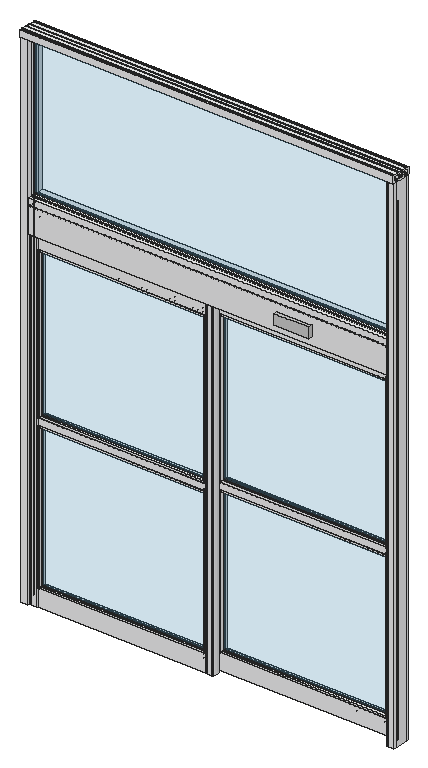
Revit family "2-5-5_Sliding-Door_TX9200SL_Single-RH-Outside-Slide-w-Transom-SX-O_Tormax", category Doors, host Wall, Revit 2026 (continued)
Definition of nested family "Door-Sliding-Tormax-Panel-O"
  Automatic sketch dimensions
    Sweep 6 sketch curve to Sweep 6 sketch curve = 0' - 0.08355"
    Sweep 6 sketch curve to plane 1 "Center (Front/Back)" = 0' - 0.66561"
    Sweep 6 sketch curve to Sweep 6 sketch curve = 0' - 0.01286"  (x4)
    Sweep 6 sketch curve to Sweep 6 sketch curve = 0' - 0.06296"  (x4)
    Sweep 6 sketch curve to Sweep 6 sketch curve = 0' - 0.09922"  (x4)
    Sweep 6 sketch curve to Sweep 6 sketch curve = 0' - 0.08367"  (x4)
    Sweep 6 sketch curve to Sweep 6 sketch curve = 0' - 0.04971"  (x8)
    Sweep 6 sketch curve to Sweep 6 sketch curve = 0' - 0.09641"  (x2)
    Sweep 6 sketch curve to Sweep 6 sketch curve = 0' - 0.0904"  (x3)
    Sweep 6 sketch curve to Sweep 6 sketch curve = 0' - 0 79/256"  (x2)
    Sweep 6 sketch curve to Sweep 6 sketch curve = 0' - 0.19365"  (x3)
    Sweep 6 sketch curve to Sweep 6 sketch curve = 0' - 0.08847"
    Sweep 6 sketch curve to Sweep 6 sketch curve = 0' - 0.07336"  (x4)
    Sweep 6 sketch curve to Sweep 6 sketch curve = 0' - 0.01367"  (x4)
    Sweep 6 sketch curve to Sweep 6 sketch curve = 0' - 0.11496"  (x3)
    Sweep 6 sketch curve to Sweep 6 sketch curve = 0' - 0.04144"  (x4)
    Sweep 6 sketch curve to Sweep 6 sketch curve = 0' - 0.04722"  (x4)
    Sweep 6 sketch curve to Sweep 6 sketch curve = 0' - 0.05012"  (x8)
    Sweep 6 sketch curve to Sweep 6 sketch curve = 0' - 0.06958"  (x4)
    Sweep 6 sketch curve to Sweep 6 sketch curve = 0' - 0.08472"  (x9)
    Sweep 6 sketch curve to Sweep 6 sketch curve = 0' - 0.06945"
    Sweep 6 sketch curve to Sweep 6 sketch curve = 0' - 0.14365"  (x2)
    Sweep 6 sketch curve to Sweep 6 sketch curve = 0' - 0.25378"  (x4)
    Sweep 6 sketch curve to Sweep 6 sketch curve = 0' - 0.11812"  (x3)
    Sweep 6 sketch curve to Sweep 6 sketch curve = 0' - 0.4219"
    Sweep 7 sketch curve to plane 3 "Center (Left/Right)" = 0' - 0"
    plane 1 "Center (Front/Back)" to Sweep 7 sketch curve = 0' - 0.1901"
    Sweep 7 sketch curve to Sweep 7 sketch curve = 0' - 0"  (x6)
    Sweep 7 sketch curve to Sweep 7 sketch curve = 0' - 0.00628"
    Sweep 7 sketch curve to Sweep 7 sketch curve = 0' - 0.05"  (x8)
    Sweep 7 sketch curve to Sweep 7 sketch curve = 0' - 0.05599"
    Sweep 7 sketch curve to Sweep 7 sketch curve = 0' - 0.13079"  (x2)
    Sweep 7 sketch curve to Sweep 7 sketch curve = 0' - 0.1438"  (x2)
    Sweep 7 sketch curve to Sweep 7 sketch curve = 0' - 0.06431"  (x2)
    Sweep 7 sketch curve to Sweep 7 sketch curve = 0' - 0.04373"  (x2)
    Sweep 7 sketch curve to Sweep 7 sketch curve = 0' - 0.0339"  (x2)
    Sweep 7 sketch curve to Sweep 7 sketch curve = 0' - 0.05017"  (x2)
    plane 1 "Center (Front/Back)" to Sweep 7 sketch curve = 0' - 0.49166"
    Sweep 7 sketch curve to Sweep 7 sketch curve = 0' - 0.12404"  (x3)
    Sweep 7 sketch curve to Sweep 7 sketch curve = 0' - 0.06616"  (x2)
    Sweep 7 sketch curve to Sweep 7 sketch curve = 0' - 0.08665"  (x3)
    Sweep 7 sketch curve to Sweep 7 sketch curve = 0' - 0.00586"  (x2)
    Sweep 7 sketch curve to Sweep 7 sketch curve = 0' - 0.0682"  (x2)
    Sweep 7 sketch curve to Sweep 7 sketch curve = 0' - 0.11234"
    Sweep 7 sketch curve to Sweep 7 sketch curve = 0' - 0.09942"  (x4)
    Sweep 7 sketch curve to Sweep 7 sketch curve = 0' - 0.04966"  (x4)
    Sweep 7 sketch curve to plane 1 "Center (Front/Back)" = 0' - 0.12483"
    Sweep 7 sketch curve to Sweep 7 sketch curve = 0' - 0.00209"  (x2)
    Sweep 7 sketch curve to Sweep 7 sketch curve = 0' - 0.03487"  (x4)
    plane 1 "Center (Front/Back)" to Sweep 7 sketch curve = 0' - 0.20955"  (x2)
    plane 1 "Center (Front/Back)" to Sweep 7 sketch curve = 0' - 0.07259"  (x2)
    Sweep 7 sketch curve to Sweep 7 sketch curve = 0' - 0.0719"  (x4)
    Sweep 7 sketch curve to plane 1 "Center (Front/Back)" = 0' - 0.07259"  (x2)
    Sweep 7 sketch curve to plane 1 "Center (Front/Back)" = 0' - 0.09459"  (x2)
    Sweep 7 sketch curve to Sweep 7 sketch curve = 0' - 0.02199"  (x4)
    plane 1 "Center (Front/Back)" to Sweep 7 sketch curve = 0' - 0.09459"  (x2)
    Sweep 7 sketch curve to plane 1 "Center (Front/Back)" = 0' - 0.20955"
    Sweep 7 sketch curve to Sweep 7 sketch curve = 0' - 0.06113"
    plane 1 "Center (Front/Back)" to Sweep 7 sketch curve = 0' - 0.12483"
    Sweep 7 sketch curve to Sweep 7 sketch curve = 0' - 0.06234"
    Sweep 7 sketch curve to Sweep 7 sketch curve = 0' - 0.03026"
    Sweep 7 sketch curve to Sweep 7 sketch curve = 0' - 0.14248"
    Sweep 7 sketch curve to Sweep 7 sketch curve = 0' - 0.09251"
    Sweep 7 sketch curve to Sweep 7 sketch curve = 0' - 0.01301"
    Sweep 7 sketch curve to Sweep 7 sketch curve = 0' - 0.13361"
    Sweep 7 sketch curve to plane 1 "Center (Front/Back)" = 0' - 0.25955"  (x2)
    Sweep 7 sketch curve to Sweep 7 sketch curve = 0' - 0.14365"
    Sweep 7 sketch curve to Sweep 7 sketch curve = 0' - 0.19365"  (x3)
    Sweep 7 sketch curve to Sweep 7 sketch curve = 0' - 0.25378"  (x2)
    Sweep 7 sketch curve to Sweep 7 sketch curve = 0' - 0.4219"  (x2)
    Sweep 7 sketch curve to Sweep 7 sketch curve = 0' - 0.04971"  (x4)
    Sweep 7 sketch curve to Sweep 7 sketch curve = 0' - 0.08472"  (x5)
    Sweep 7 sketch curve to Sweep 7 sketch curve = 0' - 0.06945"  (x2)
    Sweep 7 sketch curve to Sweep 7 sketch curve = 0' - 0.05012"  (x4)
    Sweep 7 sketch curve to Sweep 7 sketch curve = 0' - 0.06958"  (x2)
    plane 1 "Center (Front/Back)" to Sweep 7 sketch curve = 0' - 0.13997"
    Sweep 7 sketch curve to Sweep 7 sketch curve = 0' - 0.04722"
    Sweep 7 sketch curve to Sweep 7 sketch curve = 0' - 0.02777"
    Sweep 7 sketch curve to Sweep 7 sketch curve = 0' - 0.04144"  (x2)
    Sweep 7 sketch curve to Sweep 7 sketch curve = 0' - 0.08847"
    Sweep 7 sketch curve to Sweep 7 sketch curve = 0' - 0.0904"  (x2)
    Sweep 7 sketch curve to Sweep 7 sketch curve = 0' - 0.04991"  (x2)
    Sweep 7 sketch curve to Sweep 7 sketch curve = 0' - 0.01286"  (x2)
    Sweep 7 sketch curve to Sweep 7 sketch curve = 0' - 0.06296"  (x2)
    Sweep 7 sketch curve to Sweep 7 sketch curve = 0' - 0.09922"  (x2)
    Sweep 7 sketch curve to Sweep 7 sketch curve = 0' - 0.08367"  (x2)
    Extrusion 8 sketch curve to plane 7 = 0' - 0"
    plane 6 to Extrusion 8 sketch curve = 0' - 0"
    plane 12 to Extrusion 8 sketch curve = 0' - 0.29207"
    plane 13 to Extrusion 8 sketch curve = 0' - 0.29207"
Definition of nested family "Door-Sliding-Tormax-Panel-SX"
  Parameters (values of type "Door-Sliding-Tormax-Panel-SX")
    Width = 3' - 5 9/16"
    Thickness = 0' - 1.82"  # constant formula
    Height = 7' - 1 1/2"
    Handle Material = none
    Glass = none
    Frame Material = none
    Define Thermal Properties by = 1
    Default Elevation = 0' - 0"
    Analytic Construction = "<None>"
  Reference planes (in)
    plane 1 "Center (Front/Back)": y = 0
    plane 2: z = 0
    plane 3 "Center (Left/Right)": x = 0
    plane 4: z = 85.5
    plane 5: z = 42.75
    plane 6: y = 0.12483
    plane 7: y = -0.12517
    plane 8: y = -0.91
    plane 9: y = 0.91
    plane 10: x = -20.78125
    plane 11: x = 20.78125
    plane 12: x = -18.65625
    plane 13: x = 18.65625
    plane 14: z = 43.625
    plane 15: z = 41.875
    plane 16: z = 82.40625
    plane 17: z = 4.3125
    plane 18 "Handle": x = 19.71875
  Forms (in)
    Sweep 1, solid, material <- "Frame Material"
      path origin (0, 0, 0) x (1, 0, 0) y (0, 0, 1)
        loop
          line (-20.78125, 0.3125) -> (-20.78125, 84.15625)
      profile origin (-20.78125, 0, 42.23437) x (-1, 0, 0) y (0, -1, 0)
        loop
          line (-0.25, -0.18701) -> (-0.25, 0.18701) -> (-0.13107, 0.18701)
          arc (-0.13107, 0.18701) -> (-0.16494, 0.47848) -> (-0.22824, 0.765) r 2.88588
          line (-0.22824, 0.765) -> (-1.844, 0.765) -> (-1.844, -0.765) -> (-0.22824, -0.765)
          arc (-0.22824, -0.765) -> (-0.16494, -0.47848) -> (-0.13107, -0.18701) r 2.88588
          line (-0.13107, -0.18701) -> (-0.25, -0.18701)
        loop
          arc (-0.14081, -0.91) -> (0, 0) -> (-0.14081, 0.91) r 3.01088
          line (-0.14081, 0.91) -> (-2.125, 0.91) -> (-2.125, 0.70839) -> (-2.00861, 0.77559) -> (-1.969, 0.77559) -> (-1.969, -0.77559) -> (-2.00861, -0.77559) -> (-2.125, -0.70839) -> (-2.125, -0.91) -> (-0.14081, -0.91)
    Sweep 2, solid, material <- "Frame Material"
      path origin (0, 0, 0) x (1, 0, 0) y (0, 0, 1)
        loop
          line (-18.65625, 0) -> (18.65625, 0)
      profile origin (0, 0, 0) x (0, 0, 1) y (0, -1, 0)
        loop
          line (4.3125, 0.8749) -> (0.3125, 0.8749) -> (0.3125, -0.23479) -> (0.62437, -0.23479)
          arc (0.62437, -0.23479) -> (0.7132, -0.198) -> (0.75, -0.10916) r 0.12563
          line (0.75, -0.10916) -> (0.75, 0.32559)
          arc (0.75, 0.32559) -> (0.80554, 0.45967) -> (0.93962, 0.51521) r 0.18962
          line (0.93962, 0.51521) -> (1.37112, 0.51521)
          arc (1.37112, 0.51521) -> (1.46225, 0.55295) -> (1.5, 0.64409) r 0.12888
          line (1.5, 0.64409) -> (1.5, 0.75022) -> (1.87452, 0.75022) -> (1.87452, -0.74981) -> (1.40707, -0.74981) -> (1.11896, -0.4258) -> (0.5105, -0.4258) -> (0.5105, -0.5258) -> (1.08251, -0.5258) -> (1.08251, -0.76481) -> (0.3125, -0.76481) -> (0.3125, -0.8749) -> (4.3125, -0.8749) -> (4.3125, -0.70921) -> (4.20607, -0.77066) -> (4.1581, -0.77066) -> (4.1581, 0.77066) -> (4.20607, 0.77066) -> (4.3125, 0.70921) -> (4.3125, 0.8749)
        loop
          line (4.03195, -0.71919) -> (4.03195, 0.71919) -> (3.78529, 0.71919) -> (3.78529, 0.75305) -> (3.33375, 0.75305) -> (3.33375, 0.71919) -> (3.08216, 0.71919) -> (3.08216, 0.5938) -> (2.94954, 0.5938) -> (2.94954, 0.7188) -> (2.69891, 0.7188) -> (2.69891, 0.74999) -> (2.25015, 0.74999) -> (2.25015, 0.7188) -> (1.99953, 0.7188) -> (1.99953, -0.7188) -> (2.25015, -0.7188) -> (2.25015, -0.74999) -> (2.69891, -0.74999) -> (2.69891, -0.7188) -> (2.94954, -0.7188) -> (2.94954, -0.5938) -> (3.08216, -0.5938) -> (3.08216, -0.71919) -> (3.33375, -0.71919) -> (3.33375, -0.75305) -> (3.78529, -0.75305) -> (3.78529, -0.71919) -> (4.03195, -0.71919)
        loop
          line (43.625, -0.875) -> (43.625, -0.70777) -> (43.5155, -0.77099) -> (43.469, -0.77099) -> (43.469, 0.77099) -> (43.5155, 0.77099) -> (43.625, 0.70777) -> (43.625, 0.875) -> (41.875, 0.875) -> (41.875, 0.70777) -> (41.9845, 0.77099) -> (42.031, 0.77099) -> (42.031, -0.77099) -> (41.9845, -0.77099) -> (41.875, -0.70777) -> (41.875, -0.875) -> (43.625, -0.875)
        loop
          line (42.40541, -0.729) -> (42.40541, -0.76) -> (42.85469, -0.76) -> (42.85469, -0.729) -> (43.106, -0.729) -> (43.106, -0.519) -> (43.319, -0.519) -> (43.319, 0.519) -> (43.106, 0.519) -> (43.106, 0.729) -> (42.85469, 0.729) -> (42.85469, 0.76) -> (42.40541, 0.76) -> (42.40541, 0.729) -> (42.156, 0.729) -> (42.156, -0.729) -> (42.40541, -0.729)
        loop
          line (82.40625, 0.8749) -> (82.40625, 0.70921) -> (82.51268, 0.77066) -> (82.56065, 0.77066) -> (82.56065, -0.77066) -> (82.51268, -0.77066) -> (82.40625, -0.70921) -> (82.40625, -0.8749) -> (84.15625, -0.8749) -> (84.15625, -0.70756) -> (84.04556, -0.77147) -> (84.00025, -0.77147) -> (84.00025, 0.77147) -> (84.04628, 0.77147) -> (84.15625, 0.70798) -> (84.15625, 0.8749) -> (82.40625, 0.8749)
        loop
          line (82.6868, -0.72879) -> (82.93737, -0.72879) -> (82.93737, -0.75979) -> (83.38695, -0.75979) -> (83.38695, -0.72879) -> (83.63659, -0.72879) -> (83.63659, -0.51879) -> (83.85025, -0.51879) -> (83.85025, 0.51879) -> (83.63659, 0.51879) -> (83.63659, 0.72879) -> (83.38695, 0.72879) -> (83.38695, 0.75979) -> (82.93737, 0.75979) -> (82.93737, 0.72879) -> (82.6868, 0.72879) -> (82.6868, -0.72879)
    Sweep 3, solid, material <- "Frame Material"
      path origin (0, 0, 0) x (1, 0, 0) y (0, 0, 1)
        loop
          line (20.78125, 0.3125) -> (20.78125, 84.15625)
      profile origin (20.78125, 0, 42.23437) x (-1, 0, 0) y (0, -1, 0)
        loop
          line (2.125, -0.91) -> (2.125, -0.70835) -> (2.02717, -0.76483) -> (1.969, -0.76483) -> (1.969, 0.76483) -> (2.02775, 0.76483) -> (2.125, 0.70869) -> (2.125, 0.91) -> (0.14318, 0.91)
          arc (0.14318, 0.91) -> (0.12559, 0.85357) -> (0.10913, 0.79679) r 2.96345
          line (0.10913, 0.79679) -> (0.18087, 0.77676) -> (0.20082, 0.85943) -> (0.27801, 0.84081) -> (0.18503, 0.45549) -> (0.10975, 0.47365) -> (0.1297, 0.55632) -> (0.05562, 0.57144)
          arc (0.05562, 0.57144) -> (0, 0) -> (0.05562, -0.57144) r 2.96345
          line (0.05562, -0.57144) -> (0.1297, -0.55632) -> (0.10975, -0.47365) -> (0.18503, -0.45549) -> (0.27801, -0.84081) -> (0.20082, -0.85943) -> (0.18087, -0.77676) -> (0.10913, -0.79679)
          arc (0.10913, -0.79679) -> (0.12559, -0.85357) -> (0.14318, -0.91) r 2.96345
          line (0.14318, -0.91) -> (2.125, -0.91)
        loop
          line (1.844, -0.76483) -> (1.844, 0.76517) -> (0.33616, 0.76517)
          arc (0.33616, 0.76517) -> (0.28782, 0.57373) -> (0.25342, 0.37931) r 2.73645
          line (0.25342, 0.37931) -> (0.15, 0.37931) -> (0.15, 0.18239) -> (0.25029, 0.18239) -> (0.25029, -0.18239) -> (0.15, -0.18239) -> (0.15, -0.37931) -> (0.25342, -0.37931)
          arc (0.25342, -0.37931) -> (0.28778, -0.57356) -> (0.33606, -0.76483) r 2.73645
          line (0.33606, -0.76483) -> (1.844, -0.76483)
    Sweep 4, solid, material <- "Frame Material"
      path origin (0, 0, 0) x (1, 0, 0) y (0, 0, 1)
        loop
          line (0, 4.3125) -> (0, 41.875)
      profile origin (0, 0, 23.09375) x (-1, 0, 0) y (0, -1, 0)
        loop
          line (-18.65625, -0.87481) -> (-18.15645, -0.87481) -> (-18.15645, -0.20955) -> (-18.12159, -0.20955) -> (-18.06046, -0.09459) -> (-18.08245, -0.07259) -> (-18.15436, -0.12483) -> (-18.36418, -0.12483) -> (-18.36418, -0.20955) -> (-18.5318, -0.20955) -> (-18.5318, -0.13997) -> (-18.61845, -0.13997) -> (-18.61845, 0.13997) -> (-18.5318, 0.13997) -> (-18.5318, 0.20955) -> (-18.36418, 0.20955) -> (-18.36418, 0.12483) -> (-18.15436, 0.12483) -> (-18.08245, 0.07259) -> (-18.06046, 0.09459) -> (-18.12159, 0.20955) -> (-18.15645, 0.20955) -> (-18.15645, 0.87481) -> (-18.65625, 0.87481) -> (-18.65625, 0.66561) -> (-18.75597, 0.66561) -> (-18.75597, 0.76483) -> (-18.80597, 0.76483) -> (-18.80597, 0.6157) -> (-18.69998, 0.6157) -> (-18.57594, 0.49166) -> (-18.57594, 0.32983)
          arc (-18.57594, 0.32983) -> (-18.64136, 0.30274) -> (-18.66845, 0.23732) r 0.09251
          line (-18.66845, 0.23732) -> (-18.66845, 0.1901) -> (-18.81225, 0.1901) -> (-18.81225, 0.13997) -> (-18.66845, 0.13997) -> (-18.66845, -0.13997) -> (-18.81225, -0.13997) -> (-18.81225, -0.1901) -> (-18.68146, -0.1901) -> (-18.68146, -0.25955) -> (-18.46359, -0.25955) -> (-18.46359, -0.4032) -> (-18.20611, -0.4032) -> (-18.20611, -0.8251) -> (-18.60608, -0.8251) -> (-18.60608, -0.65698) -> (-18.72056, -0.65698) -> (-18.72056, -0.70698) -> (-18.65625, -0.70698) -> (-18.65625, -0.87481)
        loop
          line (-18.55619, 0.8251) -> (-18.55619, 0.74143) -> (-18.62235, 0.74143) -> (-18.62235, 0.67847) -> (-18.52594, 0.58206) -> (-18.52594, 0.25099) -> (-18.46359, 0.25099) -> (-18.46359, 0.4032) -> (-18.20611, 0.4032) -> (-18.20611, 0.8251) -> (-18.55619, 0.8251)
        loop
          line (18.65625, -0.87481) -> (18.65625, -0.70698) -> (18.72056, -0.70698) -> (18.72056, -0.65698) -> (18.60608, -0.65698) -> (18.60608, -0.8251) -> (18.20611, -0.8251) -> (18.20611, -0.4032) -> (18.46359, -0.4032) -> (18.46359, -0.25955) -> (18.68146, -0.25955) -> (18.68146, -0.1901) -> (18.81225, -0.1901) -> (18.81225, -0.13997) -> (18.66845, -0.13997) -> (18.66845, 0.13997) -> (18.81225, 0.13997) -> (18.81225, 0.1901) -> (18.66845, 0.1901) -> (18.66845, 0.23732)
          arc (18.66845, 0.23732) -> (18.64136, 0.30274) -> (18.57594, 0.32983) r 0.09251
          line (18.57594, 0.32983) -> (18.57594, 0.49166) -> (18.69998, 0.6157) -> (18.80597, 0.6157) -> (18.80597, 0.76483) -> (18.75597, 0.76483) -> (18.75597, 0.66561) -> (18.65625, 0.66561) -> (18.65625, 0.87481) -> (18.15645, 0.87481) -> (18.15645, 0.20955) -> (18.12159, 0.20955) -> (18.06046, 0.09459) -> (18.08245, 0.07259) -> (18.15436, 0.12483) -> (18.36418, 0.12483) -> (18.36418, 0.20955) -> (18.5318, 0.20955) -> (18.5318, 0.13997) -> (18.61845, 0.13997) -> (18.61845, -0.13997) -> (18.5318, -0.13997) -> (18.5318, -0.20955) -> (18.36418, -0.20955) -> (18.36418, -0.12483) -> (18.15436, -0.12483) -> (18.08245, -0.07259) -> (18.06046, -0.09459) -> (18.12159, -0.20955) -> (18.15645, -0.20955) -> (18.15645, -0.87481) -> (18.65625, -0.87481)
        loop
          line (18.55619, 0.8251) -> (18.20611, 0.8251) -> (18.20611, 0.4032) -> (18.46359, 0.4032) -> (18.46359, 0.25099) -> (18.52594, 0.25099) -> (18.52594, 0.58206) -> (18.62235, 0.67847) -> (18.62235, 0.74143) -> (18.55619, 0.74143) -> (18.55619, 0.8251)
    Extrusion 5, solid, material <- "Glass"
      sketch origin (0, 0, 0) x (1, 0, 0) y (0, 1, 0)
        loop
          line (-18.36418, 0.12483) -> (-18.36418, -0.12517) -> (18.36418, -0.12517) -> (18.36418, 0.12483) -> (-18.36418, 0.12483)
      from 4.60457 to 41.58293
    Sweep 6, solid, material <- "Frame Material"
      path origin (0, 0, 0) x (1, 0, 0) y (0, 0, 1)
        loop
          line (-18.15645, 42.75) -> (18.15645, 42.75)
      profile origin (0, 0, 42.75) x (0, 0, 1) y (0, -1, 0)
        loop
          line (-38.4375, 0.87481) -> (-38.4375, 0.70698) -> (-38.50181, 0.70698) -> (-38.50181, 0.65698) -> (-38.38733, 0.65698) -> (-38.38733, 0.8251) -> (-37.98736, 0.8251) -> (-37.98736, 0.4032) -> (-38.24484, 0.4032) -> (-38.24484, 0.25955) -> (-38.46271, 0.25955) -> (-38.46271, 0.1901) -> (-38.5935, 0.1901) -> (-38.5935, 0.13997) -> (-38.4497, 0.13997) -> (-38.4497, -0.13997) -> (-38.5935, -0.13997) -> (-38.5935, -0.1901) -> (-38.4497, -0.1901) -> (-38.4497, -0.23732)
          arc (-38.4497, -0.23732) -> (-38.42261, -0.30274) -> (-38.35719, -0.32983) r 0.09251
          line (-38.35719, -0.32983) -> (-38.35719, -0.49166) -> (-38.48123, -0.6157) -> (-38.58722, -0.6157) -> (-38.58722, -0.76483) -> (-38.53722, -0.76483) -> (-38.53722, -0.66561) -> (-38.4375, -0.66561) -> (-38.4375, -0.87481) -> (-37.9377, -0.87481) -> (-37.9377, -0.20955) -> (-37.90284, -0.20955) -> (-37.84171, -0.09459) -> (-37.8637, -0.07259) -> (-37.93561, -0.12483) -> (-38.14543, -0.12483) -> (-38.14543, -0.20955) -> (-38.31305, -0.20955) -> (-38.31305, -0.13997) -> (-38.3997, -0.13997) -> (-38.3997, 0.13997) -> (-38.31305, 0.13997) -> (-38.31305, 0.20955) -> (-38.14543, 0.20955) -> (-38.14543, 0.12483) -> (-37.93561, 0.12483) -> (-37.8637, 0.07259) -> (-37.84171, 0.09459) -> (-37.90284, 0.20955) -> (-37.9377, 0.20955) -> (-37.9377, 0.87481) -> (-38.4375, 0.87481)
        loop
          line (-38.33744, -0.8251) -> (-37.98736, -0.8251) -> (-37.98736, -0.4032) -> (-38.24484, -0.4032) -> (-38.24484, -0.25099) -> (-38.30719, -0.25099) -> (-38.30719, -0.58206) -> (-38.4036, -0.67847) -> (-38.4036, -0.74143) -> (-38.33744, -0.74143) -> (-38.33744, -0.8251)
        loop
          line (-0.875, 0.87481) -> (-1.3748, 0.87481) -> (-1.3748, 0.20955) -> (-1.40966, 0.20955) -> (-1.47079, 0.09459) -> (-1.4488, 0.07259) -> (-1.37689, 0.12483) -> (-1.16707, 0.12483) -> (-1.16707, 0.20955) -> (-0.99945, 0.20955) -> (-0.99945, 0.13997) -> (-0.9128, 0.13997) -> (-0.9128, -0.13997) -> (-0.99945, -0.13997) -> (-0.99945, -0.20955) -> (-1.16707, -0.20955) -> (-1.16707, -0.12483) -> (-1.37689, -0.12483) -> (-1.4488, -0.07259) -> (-1.47079, -0.09459) -> (-1.40966, -0.20955) -> (-1.3748, -0.20955) -> (-1.3748, -0.87481) -> (-0.875, -0.87481) -> (-0.875, -0.66561) -> (-0.77528, -0.66561) -> (-0.77528, -0.76483) -> (-0.72528, -0.76483) -> (-0.72528, -0.6157) -> (-0.83127, -0.6157) -> (-0.95531, -0.49166) -> (-0.95531, -0.32983)
          arc (-0.95531, -0.32983) -> (-0.88989, -0.30274) -> (-0.8628, -0.23732) r 0.09251
          line (-0.8628, -0.23732) -> (-0.8628, -0.1901) -> (-0.719, -0.1901) -> (-0.719, -0.13997) -> (-0.8628, -0.13997) -> (-0.8628, 0.13997) -> (-0.719, 0.13997) -> (-0.719, 0.1901) -> (-0.84979, 0.1901) -> (-0.84979, 0.25955) -> (-1.06766, 0.25955) -> (-1.06766, 0.4032) -> (-1.32514, 0.4032) -> (-1.32514, 0.8251) -> (-0.92517, 0.8251) -> (-0.92517, 0.65698) -> (-0.81069, 0.65698) -> (-0.81069, 0.70698) -> (-0.875, 0.70698) -> (-0.875, 0.87481)
        loop
          line (-0.97506, -0.8251) -> (-0.97506, -0.74143) -> (-0.9089, -0.74143) -> (-0.9089, -0.67847) -> (-1.00531, -0.58206) -> (-1.00531, -0.25099) -> (-1.06766, -0.25099) -> (-1.06766, -0.4032) -> (-1.32514, -0.4032) -> (-1.32514, -0.8251) -> (-0.97506, -0.8251)
        loop
          line (0.875, 0.87481) -> (0.875, 0.70698) -> (0.81069, 0.70698) -> (0.81069, 0.65698) -> (0.92517, 0.65698) -> (0.92517, 0.8251) -> (1.32514, 0.8251) -> (1.32514, 0.4032) -> (1.06766, 0.4032) -> (1.06766, 0.25955) -> (0.84979, 0.25955) -> (0.84979, 0.1901) -> (0.719, 0.1901) -> (0.719, 0.13997) -> (0.8628, 0.13997) -> (0.8628, -0.13997) -> (0.719, -0.13997) -> (0.719, -0.1901) -> (0.8628, -0.1901) -> (0.8628, -0.23732)
          arc (0.8628, -0.23732) -> (0.88989, -0.30274) -> (0.95531, -0.32983) r 0.09251
          line (0.95531, -0.32983) -> (0.95531, -0.49166) -> (0.83127, -0.6157) -> (0.72528, -0.6157) -> (0.72528, -0.76483) -> (0.77528, -0.76483) -> (0.77528, -0.66561) -> (0.875, -0.66561) -> (0.875, -0.87481) -> (1.3748, -0.87481) -> (1.3748, -0.20955) -> (1.40966, -0.20955) -> (1.47079, -0.09459) -> (1.4488, -0.07259) -> (1.37689, -0.12483) -> (1.16707, -0.12483) -> (1.16707, -0.20955) -> (0.99945, -0.20955) -> (0.99945, -0.13997) -> (0.9128, -0.13997) -> (0.9128, 0.13997) -> (0.99945, 0.13997) -> (0.99945, 0.20955) -> (1.16707, 0.20955) -> (1.16707, 0.12483) -> (1.37689, 0.12483) -> (1.4488, 0.07259) -> (1.47079, 0.09459) -> (1.40966, 0.20955) -> (1.3748, 0.20955) -> (1.3748, 0.87481) -> (0.875, 0.87481)
        loop
          line (0.97506, -0.8251) -> (1.32514, -0.8251) -> (1.32514, -0.4032) -> (1.06766, -0.4032) -> (1.06766, -0.25099) -> (1.00531, -0.25099) -> (1.00531, -0.58206) -> (0.9089, -0.67847) -> (0.9089, -0.74143) -> (0.97506, -0.74143) -> (0.97506, -0.8251)
        loop
          line (39.65625, 0.87481) -> (39.15645, 0.87481) -> (39.15645, 0.20955) -> (39.12159, 0.20955) -> (39.06046, 0.09459) -> (39.08245, 0.07259) -> (39.15436, 0.12483) -> (39.36418, 0.12483) -> (39.36418, 0.20955) -> (39.5318, 0.20955) -> (39.5318, 0.13997) -> (39.61845, 0.13997) -> (39.61845, -0.13997) -> (39.5318, -0.13997) -> (39.5318, -0.20955) -> (39.36418, -0.20955) -> (39.36418, -0.12483) -> (39.15436, -0.12483) -> (39.08245, -0.07259) -> (39.06046, -0.09459) -> (39.12159, -0.20955) -> (39.15645, -0.20955) -> (39.15645, -0.87481) -> (39.65625, -0.87481) -> (39.65625, -0.66561) -> (39.75597, -0.66561) -> (39.75597, -0.76483) -> (39.80597, -0.76483) -> (39.80597, -0.6157) -> (39.69998, -0.6157) -> (39.57594, -0.49166) -> (39.57594, -0.32983)
          arc (39.57594, -0.32983) -> (39.64136, -0.30274) -> (39.66845, -0.23732) r 0.09251
          line (39.66845, -0.23732) -> (39.66845, -0.1901) -> (39.81225, -0.1901) -> (39.81225, -0.13997) -> (39.66845, -0.13997) -> (39.66845, 0.13997) -> (39.81225, 0.13997) -> (39.81225, 0.1901) -> (39.68146, 0.1901) -> (39.68146, 0.25955) -> (39.46359, 0.25955) -> (39.46359, 0.4032) -> (39.20611, 0.4032) -> (39.20611, 0.8251) -> (39.60608, 0.8251) -> (39.60608, 0.65698) -> (39.72056, 0.65698) -> (39.72056, 0.70698) -> (39.65625, 0.70698) -> (39.65625, 0.87481)
        loop
          line (39.55619, -0.8251) -> (39.55619, -0.74143) -> (39.62235, -0.74143) -> (39.62235, -0.67847) -> (39.52594, -0.58206) -> (39.52594, -0.25099) -> (39.46359, -0.25099) -> (39.46359, -0.4032) -> (39.20611, -0.4032) -> (39.20611, -0.8251) -> (39.55619, -0.8251)
    Sweep 7, solid, material <- "Frame Material"
      path origin (0, 0, 0) x (1, 0, 0) y (0, 0, 1)
        loop
          line (0, 43.625) -> (0, 82.40625)
      profile origin (0, 0, 63.01563) x (-1, 0, 0) y (0, -1, 0)
        loop
          line (-18.65625, -0.87481) -> (-18.15645, -0.87481) -> (-18.15645, -0.20955) -> (-18.12159, -0.20955) -> (-18.06046, -0.09459) -> (-18.08245, -0.07259) -> (-18.15436, -0.12483) -> (-18.36418, -0.12483) -> (-18.36418, -0.20955) -> (-18.5318, -0.20955) -> (-18.5318, -0.13997) -> (-18.61845, -0.13997) -> (-18.61845, 0.13997) -> (-18.5318, 0.13997) -> (-18.5318, 0.20955) -> (-18.36418, 0.20955) -> (-18.36418, 0.12483) -> (-18.15436, 0.12483) -> (-18.08245, 0.07259) -> (-18.06046, 0.09459) -> (-18.12159, 0.20955) -> (-18.15645, 0.20955) -> (-18.15645, 0.87481) -> (-18.65625, 0.87481) -> (-18.65625, 0.66561) -> (-18.75597, 0.66561) -> (-18.75597, 0.76483) -> (-18.80597, 0.76483) -> (-18.80597, 0.6157) -> (-18.69998, 0.6157) -> (-18.57594, 0.49166) -> (-18.57594, 0.32983)
          arc (-18.57594, 0.32983) -> (-18.64136, 0.30274) -> (-18.66845, 0.23732) r 0.09251
          line (-18.66845, 0.23732) -> (-18.66845, 0.1901) -> (-18.81225, 0.1901) -> (-18.81225, 0.13997) -> (-18.66845, 0.13997) -> (-18.66845, -0.13997) -> (-18.81225, -0.13997) -> (-18.81225, -0.1901) -> (-18.68146, -0.1901) -> (-18.68146, -0.25955) -> (-18.46359, -0.25955) -> (-18.46359, -0.4032) -> (-18.20611, -0.4032) -> (-18.20611, -0.8251) -> (-18.60608, -0.8251) -> (-18.60608, -0.65698) -> (-18.72056, -0.65698) -> (-18.72056, -0.70698) -> (-18.65625, -0.70698) -> (-18.65625, -0.87481)
        loop
          line (-18.55619, 0.8251) -> (-18.55619, 0.74143) -> (-18.62235, 0.74143) -> (-18.62235, 0.67847) -> (-18.52594, 0.58206) -> (-18.52594, 0.25099) -> (-18.46359, 0.25099) -> (-18.46359, 0.4032) -> (-18.20611, 0.4032) -> (-18.20611, 0.8251) -> (-18.55619, 0.8251)
        loop
          line (18.65625, -0.87481) -> (18.65625, -0.70698) -> (18.72056, -0.70698) -> (18.72056, -0.65698) -> (18.60608, -0.65698) -> (18.60608, -0.8251) -> (18.20611, -0.8251) -> (18.20611, -0.4032) -> (18.46359, -0.4032) -> (18.46359, -0.25955) -> (18.68146, -0.25955) -> (18.68146, -0.1901) -> (18.81225, -0.1901) -> (18.81225, -0.13997) -> (18.66845, -0.13997) -> (18.66845, 0.13997) -> (18.81225, 0.13997) -> (18.81225, 0.1901) -> (18.66845, 0.1901) -> (18.66845, 0.23732)
          arc (18.66845, 0.23732) -> (18.64136, 0.30274) -> (18.57594, 0.32983) r 0.09251
          line (18.57594, 0.32983) -> (18.57594, 0.49166) -> (18.69998, 0.6157) -> (18.80597, 0.6157) -> (18.80597, 0.76483) -> (18.75597, 0.76483) -> (18.75597, 0.66561) -> (18.65625, 0.66561) -> (18.65625, 0.87481) -> (18.15645, 0.87481) -> (18.15645, 0.20955) -> (18.12159, 0.20955) -> (18.06046, 0.09459) -> (18.08245, 0.07259) -> (18.15436, 0.12483) -> (18.36418, 0.12483) -> (18.36418, 0.20955) -> (18.5318, 0.20955) -> (18.5318, 0.13997) -> (18.61845, 0.13997) -> (18.61845, -0.13997) -> (18.5318, -0.13997) -> (18.5318, -0.20955) -> (18.36418, -0.20955) -> (18.36418, -0.12483) -> (18.15436, -0.12483) -> (18.08245, -0.07259) -> (18.06046, -0.09459) -> (18.12159, -0.20955) -> (18.15645, -0.20955) -> (18.15645, -0.87481) -> (18.65625, -0.87481)
        loop
          line (18.55619, 0.8251) -> (18.20611, 0.8251) -> (18.20611, 0.4032) -> (18.46359, 0.4032) -> (18.46359, 0.25099) -> (18.52594, 0.25099) -> (18.52594, 0.58206) -> (18.62235, 0.67847) -> (18.62235, 0.74143) -> (18.55619, 0.74143) -> (18.55619, 0.8251)
    Extrusion 8, solid, material <- "Glass"
      sketch origin (0, 0, 0) x (1, 0, 0) y (0, 1, 0)
        loop
          line (-18.36418, 0.12483) -> (-18.36418, -0.12517) -> (18.36418, -0.12517) -> (18.36418, 0.12483) -> (-18.36418, 0.12483)
      from 43.91707 to 82.11418
    Sweep 9, solid, material <- "Frame Material"
      path origin (0, 0, 0) x (1, 0, 0) y (0, 0, 1)
        loop
          line (-20.78125, 85.5) -> (20.78125, 85.5)
      profile origin (0, 0, 85.5) x (0, 0, 1) y (0, -1, 0)
        loop
          line (-1.05567, 0.9185) -> (-1.34375, 0.9185) -> (-1.34375, -0.7995) -> (-0.71867, -0.7995) -> (-0.71867, 0.14602)
          arc (-0.71867, 0.14602) -> (-0.73017, 0.19158) -> (-0.7459, 0.23586) r 0.5
          arc (-0.7459, 0.23586) -> (-0.77367, 0.2545) -> (-0.80143, 0.23586) r 0.03
          arc (-0.80143, 0.23586) -> (-0.82927, 0.143) -> (-0.83867, 0.04652) r 0.5
          line (-0.83867, 0.04652) -> (-0.83867, -0.19357)
          arc (-0.83867, -0.19357) -> (-0.9137, -0.2685) -> (-0.98867, -0.1935) r 0.075
          line (-0.98867, -0.1935) -> (-0.98867, 0.34217)
          arc (-0.98867, 0.34217) -> (-1.0072, 0.47704) -> (-1.06143, 0.60192) r 0.5
          line (-1.06143, 0.60192) -> (-1.18067, 0.55479) -> (-1.18067, 0.7442) -> (-1.05567, 0.69479) -> (-1.05567, 0.9185)
  Lines and regions (in)
    symbolic lines
      curve 1: line (-20.78125, 0.91, 0) -> (-20.78125, 42.4725, 0)
      curve 2: arc (-20.78125, 42.4725, 0) -> (8.60788, 30.29913, 0) -> (20.78125, 0.91, 0) r 41.5625
      curve 3: line (-20.78125, 0, 42.75) -> (20.78125, 0, 84.15625)
      curve 4: line (-20.78125, 0, 42.75) -> (20.78125, 0, 0)
  Dimensions and locks (in)
    "Height": plane 4 to level
    equal spacing: plane 10, plane 3 "Center (Left/Right)", plane 11
    "Width": plane 10 to plane 11
    "Thickness": plane 9 to plane 8
    equal spacing: plane 9, plane 1 "Center (Front/Back)", plane 8
    locked: plane 10 to plane 12 at 2.125
    locked: plane 13 to plane 11 at 2.125
    locked: plane 5 to level at 42.75
    plane 14 to plane 5 to plane 15 = 0' - 0 7/8" locked, 0' - 0 7/8" locked
    plane 10 to Sweep 1 sketch curve to Sweep 1 sketch curve = 0' - 2 1/8" locked, 0' - 0" locked
    locked: plane 17 to plane 2 at 4.3125
    locked: Sweep 4 sketch curve to plane 13 at 0.4998  (x2)
    plane 12 to Sweep 4 sketch curve to Sweep 4 sketch curve = 0' - 0.4998" locked, 0' - 0" locked
    plane 7 to plane 1 "Center (Front/Back)" to plane 6 = 0' - 0.12517" locked, 0' - 0.12483" locked
    locked: Extrusion 5 sketch curve to plane 13 at 0.29207
    locked: plane 12 to Extrusion 5 sketch curve at 0.29207
    locked: Sweep 6 sketch curve to plane 13 at 0.4998
    locked: Sweep 6 sketch curve to plane 12 at 0.4998
    locked: Sweep 6 sketch curve to plane 2 at 4.8123  (x2)
    Sweep 6 sketch curve to Sweep 6 sketch curve to plane 15 = 0' - 0" locked, 0' - 0.4998" locked
    Sweep 6 sketch curve to Sweep 6 sketch curve to plane 14 = 0' - 0" locked, 0' - 0.4998" locked
    Sweep 6 sketch curve to Sweep 6 sketch curve to plane 16 = 0' - 0" locked, 0' - 0.4998" locked
    locked: plane 2 to Extrusion 5 at 4.60457
    locked: Extrusion 5 to plane 15 at 0.29207
    locked: Extrusion 8 to plane 14 at 0.29207
    locked: Extrusion 8 to plane 16 at 0.29207
    locked: plane 12 to Sweep 7 sketch curve at 0.4998  (x2)
    Sweep 7 sketch curve to Sweep 7 sketch curve to plane 13 = 0' - 0" locked, 0' - 0.4998" locked
    locked: plane 4 to Sweep 1 sketch curve at 1.34375
    locked: plane 4 to Sweep 3 sketch curve at 1.34375
    locked: plane 16 to plane 4 at 3.09375
    plane 4 to Sweep 9 sketch curve to Sweep 9 sketch curve = 0' - 0.71867" locked, 0' - 0.62508" locked
    plane 16 to Sweep 2 sketch curve to Sweep 2 sketch curve = 0' - 1.444" locked, 0' - 0.15" locked
    locked: plane 4 to curve 3 at 1.34375
    equal spacing: plane 13, plane 18 "Handle", plane 11
    locked: Sweep 1 sketch curve to plane 2 at 0.3125
    locked: Sweep 3 sketch curve to plane 2 at 0.3125
    "Width": radius of curve 2
    aligned and locked: plane 2 to level
    aligned and locked: Sweep 1 sketch curve to plane 10
    aligned and locked: Sweep 1 sketch curve to plane 9
    aligned and locked: Sweep 1 sketch curve to plane 8
    aligned and locked: plane 12 to Sweep 2 sketch curve
    aligned and locked: plane 13 to Sweep 2 sketch curve
    aligned and locked: Sweep 2 sketch curve to plane 2
    aligned and locked: plane 14 to Sweep 2 sketch curve
    aligned and locked: Sweep 2 sketch curve to plane 14
    aligned and locked: plane 11 to Sweep 3 sketch curve
    aligned and locked: plane 13 to Sweep 3 sketch curve
    aligned and locked: plane 3 "Center (Left/Right)" to Sweep 4 sketch curve
    aligned and locked: plane 15 to Sweep 4 sketch curve
    aligned and locked: plane 17 to Sweep 4 sketch curve
    aligned and locked: Sweep 4 sketch curve to plane 13
    aligned and locked: plane 13 to Sweep 4 sketch curve
    aligned and locked: plane 12 to Sweep 4 sketch curve
    aligned and locked: Sweep 4 sketch curve to plane 12
    aligned and locked: plane 6 to Extrusion 5 sketch curve
    aligned and locked: plane 7 to Extrusion 5 sketch curve
    aligned and locked: Sweep 6 sketch curve to plane 5
    aligned and locked: plane 17 to Sweep 6 sketch curve
    aligned and locked: Sweep 6 sketch curve to plane 17
    aligned and locked: plane 15 to Sweep 6 sketch curve
    aligned and locked: Sweep 6 sketch curve to plane 15
    aligned and locked: Sweep 6 sketch curve to plane 14
    aligned and locked: plane 14 to Sweep 6 sketch curve
    aligned and locked: Sweep 6 sketch curve to plane 16
    aligned and locked: plane 16 to Sweep 6 sketch curve
    aligned and locked: plane 16 to Sweep 7 sketch curve
    aligned and locked: plane 14 to Sweep 7 sketch curve
    aligned and locked: plane 12 to Sweep 7 sketch curve
    aligned and locked: Sweep 7 sketch curve to plane 12
    aligned and locked: Sweep 7 sketch curve to plane 13
    aligned and locked: plane 13 to Sweep 7 sketch curve
    aligned and locked: plane 10 to Sweep 9 sketch curve
    aligned and locked: plane 11 to Sweep 9 sketch curve
    aligned and locked: Sweep 9 sketch curve to plane 4
    aligned and locked: Sweep 2 sketch curve to plane 16  (x2)
    aligned and locked: plane 9 to curve 2  (x2)
    aligned and locked: plane 10 to curve 2
    aligned and locked: plane 5 to curve 4
    aligned and locked: plane 10 to curve 3
    aligned and locked: curve 4 to plane 11
    aligned and locked: plane 2 to curve 4
    aligned and locked: plane 11 to curve 3
  Automatic sketch dimensions
    Sweep 4 sketch curve to Sweep 4 sketch curve = 0' - 0.0122"
    Sweep 4 sketch curve to plane 1 "Center (Front/Back)" = 0' - 0.13997"
    Sweep 4 sketch curve to Sweep 4 sketch curve = 0' - 0"  (x5)
    Sweep 4 sketch curve to Sweep 4 sketch curve = 0' - 0.01301"  (x2)
    plane 1 "Center (Front/Back)" to Sweep 4 sketch curve = 0' - 0.6157"
    Sweep 4 sketch curve to Sweep 4 sketch curve = 0' - 0.04373"  (x2)
    Sweep 4 sketch curve to Sweep 4 sketch curve = 0' - 0.06431"  (x2)
    Sweep 4 sketch curve to Sweep 4 sketch curve = 0' - 0.05599"
    Sweep 4 sketch curve to Sweep 4 sketch curve = 0' - 0.05"  (x8)
    Sweep 4 sketch curve to Sweep 4 sketch curve = 0' - 0.13079"  (x2)
    Sweep 4 sketch curve to Sweep 4 sketch curve = 0' - 0.1438"  (x2)
    Sweep 4 sketch curve to Sweep 4 sketch curve = 0' - 0.0339"  (x2)
    Sweep 4 sketch curve to Sweep 4 sketch curve = 0' - 0.05017"  (x2)
    plane 1 "Center (Front/Back)" to Sweep 4 sketch curve = 0' - 0.49166"
    Sweep 4 sketch curve to Sweep 4 sketch curve = 0' - 0.12404"  (x2)
    Sweep 4 sketch curve to Sweep 4 sketch curve = 0' - 0.06616"  (x2)
    Sweep 4 sketch curve to Sweep 4 sketch curve = 0' - 0.08665"  (x3)
    Sweep 4 sketch curve to Sweep 4 sketch curve = 0' - 0.00586"  (x2)
    Sweep 4 sketch curve to Sweep 4 sketch curve = 0' - 0.0682"  (x2)
    Sweep 4 sketch curve to Sweep 4 sketch curve = 0' - 0.11234"
    Sweep 4 sketch curve to Sweep 4 sketch curve = 0' - 0.09942"  (x4)
    Sweep 4 sketch curve to Sweep 4 sketch curve = 0' - 0.04966"  (x4)
    Sweep 4 sketch curve to plane 1 "Center (Front/Back)" = 0' - 0.12483"
    Sweep 4 sketch curve to Sweep 4 sketch curve = 0' - 0.00209"  (x2)
    Sweep 4 sketch curve to Sweep 4 sketch curve = 0' - 0.03487"  (x4)
    plane 1 "Center (Front/Back)" to Sweep 4 sketch curve = 0' - 0.20955"  (x2)
    plane 1 "Center (Front/Back)" to Sweep 4 sketch curve = 0' - 0.07259"  (x2)
    Sweep 4 sketch curve to Sweep 4 sketch curve = 0' - 0.0719"  (x4)
    Sweep 4 sketch curve to plane 1 "Center (Front/Back)" = 0' - 0.07259"  (x2)
    Sweep 4 sketch curve to plane 1 "Center (Front/Back)" = 0' - 0.09459"  (x2)
    Sweep 4 sketch curve to Sweep 4 sketch curve = 0' - 0.02199"  (x4)
    plane 1 "Center (Front/Back)" to Sweep 4 sketch curve = 0' - 0.09459"  (x2)
    Sweep 4 sketch curve to Sweep 4 sketch curve = 0' - 0.06113"
    Sweep 4 sketch curve to plane 1 "Center (Front/Back)" = 0' - 0.20955"
    plane 1 "Center (Front/Back)" to Sweep 4 sketch curve = 0' - 0.12483"
    Sweep 4 sketch curve to Sweep 4 sketch curve = 0' - 0.06234"
    Sweep 4 sketch curve to Sweep 4 sketch curve = 0' - 0.03026"
    Sweep 4 sketch curve to Sweep 4 sketch curve = 0' - 0.14248"
    Sweep 4 sketch curve to Sweep 4 sketch curve = 0' - 0.09251"
    Sweep 4 sketch curve to Sweep 4 sketch curve = 0' - 0.13361"
    Sweep 4 sketch curve to plane 1 "Center (Front/Back)" = 0' - 0.25955"
    Sweep 4 sketch curve to Sweep 4 sketch curve = 0' - 0.11958"
    Sweep 4 sketch curve to Sweep 4 sketch curve = 0' - 0.14365"
    Sweep 4 sketch curve to Sweep 4 sketch curve = 0' - 0.19365"  (x3)
    Sweep 4 sketch curve to Sweep 4 sketch curve = 0' - 0.25378"  (x2)
    Sweep 4 sketch curve to Sweep 4 sketch curve = 0' - 0.4219"  (x2)
    Sweep 4 sketch curve to Sweep 4 sketch curve = 0' - 0.04971"  (x4)
    Sweep 4 sketch curve to Sweep 4 sketch curve = 0' - 0.08472"  (x5)
    Sweep 4 sketch curve to Sweep 4 sketch curve = 0' - 0.05012"  (x4)
    Sweep 4 sketch curve to Sweep 4 sketch curve = 0' - 0.06945"
    Sweep 4 sketch curve to Sweep 4 sketch curve = 0' - 0.06958"  (x2)
    plane 1 "Center (Front/Back)" to Sweep 4 sketch curve = 0' - 0.13997"  (x2)
    Sweep 4 sketch curve to Sweep 4 sketch curve = 0' - 0.04722"
    Sweep 4 sketch curve to Sweep 4 sketch curve = 0' - 0.02777"
    Sweep 4 sketch curve to Sweep 4 sketch curve = 0' - 0.04144"  (x2)
    Sweep 4 sketch curve to Sweep 4 sketch curve = 0' - 0.08847"
    Sweep 4 sketch curve to Sweep 4 sketch curve = 0' - 0.0904"  (x2)
    Sweep 4 sketch curve to Sweep 4 sketch curve = 0' - 0.04991"  (x2)
    Sweep 4 sketch curve to Sweep 4 sketch curve = 0' - 0.01286"  (x2)
    Sweep 4 sketch curve to Sweep 4 sketch curve = 0' - 0.06296"  (x2)
    Sweep 4 sketch curve to Sweep 4 sketch curve = 0' - 0.09922"  (x2)
    Sweep 4 sketch curve to Sweep 4 sketch curve = 0' - 0.08367"  (x2)
    plane 1 "Center (Front/Back)" to Sweep 6 sketch curve = 0' - 0.13997"  (x4)
    Sweep 6 sketch curve to Sweep 6 sketch curve = 0' - 0.512"
    Sweep 6 sketch curve to Sweep 6 sketch curve = 0' - 0"  (x10)
    Sweep 6 sketch curve to Sweep 6 sketch curve = 0' - 0.01301"  (x4)
    Sweep 6 sketch curve to plane 1 "Center (Front/Back)" = 0' - 0.6157"  (x2)
    Sweep 6 sketch curve to Sweep 6 sketch curve = 0' - 0.04373"  (x4)
    Sweep 6 sketch curve to Sweep 6 sketch curve = 0' - 0.06431"  (x4)
    Sweep 6 sketch curve to Sweep 6 sketch curve = 0' - 0.09972"
    Sweep 6 sketch curve to Sweep 6 sketch curve = 0' - 0.05"  (x19)
    Sweep 6 sketch curve to Sweep 6 sketch curve = 0' - 0.13079"  (x4)
    Sweep 6 sketch curve to Sweep 6 sketch curve = 0' - 0.1438"  (x4)
    Sweep 6 sketch curve to Sweep 6 sketch curve = 0' - 0.0339"  (x3)
    Sweep 6 sketch curve to Sweep 6 sketch curve = 0' - 0.05017"  (x4)
    Sweep 6 sketch curve to Sweep 6 sketch curve = 0' - 0.09251"
    Sweep 6 sketch curve to Sweep 6 sketch curve = 0' - 0.06616"  (x3)
    Sweep 6 sketch curve to Sweep 6 sketch curve = 0' - 0.08665"  (x4)
    Sweep 6 sketch curve to Sweep 6 sketch curve = 0' - 0.04414"  (x2)
    Sweep 6 sketch curve to plane 1 "Center (Front/Back)" = 0' - 0.58206"  (x2)
    Sweep 6 sketch curve to Sweep 6 sketch curve = 0' - 0.11234"  (x2)
    Sweep 6 sketch curve to Sweep 6 sketch curve = 0' - 0.0682"  (x4)
    Sweep 6 sketch curve to Sweep 6 sketch curve = 0' - 0.09942"  (x8)
    Sweep 6 sketch curve to Sweep 6 sketch curve = 0' - 0.04966"  (x8)
    plane 1 "Center (Front/Back)" to Sweep 6 sketch curve = 0' - 0.12483"  (x3)
    Sweep 6 sketch curve to Sweep 6 sketch curve = 0' - 0.00209"  (x6)
    Sweep 6 sketch curve to Sweep 6 sketch curve = 0' - 0.03487"  (x8)
    Sweep 6 sketch curve to plane 1 "Center (Front/Back)" = 0' - 0.20955"
    Sweep 6 sketch curve to plane 1 "Center (Front/Back)" = 0' - 0.07259"  (x4)
    Sweep 6 sketch curve to Sweep 6 sketch curve = 0' - 0.0719"  (x6)
    plane 1 "Center (Front/Back)" to Sweep 6 sketch curve = 0' - 0.07259"  (x4)
    Sweep 6 sketch curve to plane 1 "Center (Front/Back)" = 0' - 0.09459"  (x4)
    Sweep 6 sketch curve to Sweep 6 sketch curve = 0' - 0.02199"  (x8)
    plane 1 "Center (Front/Back)" to Sweep 6 sketch curve = 0' - 0.09459"  (x4)
    Sweep 6 sketch curve to Sweep 6 sketch curve = 0' - 0.09599"  (x2)
    Sweep 6 sketch curve to Sweep 6 sketch curve = 0' - 0.20772"  (x2)
    Sweep 6 sketch curve to Sweep 6 sketch curve = 0' - 0.13031"
    Sweep 6 sketch curve to Sweep 6 sketch curve = 0' - 0.00586"  (x3)
    Sweep 6 sketch curve to Sweep 6 sketch curve = 0' - 0.10006"  (x2)
    Sweep 6 sketch curve to Sweep 6 sketch curve = 0' - 0.05599"
    Sweep 6 sketch curve to Sweep 6 sketch curve = 0' - 0.156"
    Sweep 6 sketch curve to Sweep 6 sketch curve = 0' - 0.14972"
    Sweep 6 sketch curve to Sweep 6 sketch curve = 0' - 0.12404"
    plane 1 "Center (Front/Back)" to Sweep 6 sketch curve = 0' - 0.20955"  (x2)
    Sweep 6 sketch curve to Sweep 6 sketch curve = 0' - 0.06113"
    Sweep 6 sketch curve to Sweep 6 sketch curve = 0' - 0.06234"
    Sweep 6 sketch curve to Sweep 6 sketch curve = 0' - 0.03026"
    Sweep 6 sketch curve to plane 1 "Center (Front/Back)" = 0' - 0.49166"
    Sweep 6 sketch curve to Sweep 6 sketch curve = 0' - 0.14248"
    Sweep 6 sketch curve to Sweep 6 sketch curve = 0' - 0.13361"
    Sweep 6 sketch curve to Sweep 6 sketch curve = 0' - 0.04991"  (x4)
    Sweep 6 sketch curve to Sweep 6 sketch curve = 0' - 0.08355"
    Sweep 6 sketch curve to plane 1 "Center (Front/Back)" = 0' - 0.66561"
    Sweep 6 sketch curve to Sweep 6 sketch curve = 0' - 0.01286"  (x4)
    Sweep 6 sketch curve to Sweep 6 sketch curve = 0' - 0.06296"  (x4)
    Sweep 6 sketch curve to Sweep 6 sketch curve = 0' - 0.09922"  (x4)
    Sweep 6 sketch curve to Sweep 6 sketch curve = 0' - 0.08367"  (x4)
    Sweep 6 sketch curve to Sweep 6 sketch curve = 0' - 0.04971"  (x8)
    Sweep 6 sketch curve to Sweep 6 sketch curve = 0' - 0.09641"  (x2)
    Sweep 6 sketch curve to Sweep 6 sketch curve = 0' - 0.0904"  (x3)
    Sweep 6 sketch curve to Sweep 6 sketch curve = 0' - 0 79/256"  (x2)
    Sweep 6 sketch curve to Sweep 6 sketch curve = 0' - 0.19365"  (x3)
    Sweep 6 sketch curve to Sweep 6 sketch curve = 0' - 0.08847"
    Sweep 6 sketch curve to Sweep 6 sketch curve = 0' - 0.07336"  (x4)
    Sweep 6 sketch curve to Sweep 6 sketch curve = 0' - 0.01367"  (x4)
    Sweep 6 sketch curve to Sweep 6 sketch curve = 0' - 0.11496"  (x3)
    Sweep 6 sketch curve to Sweep 6 sketch curve = 0' - 0.04144"  (x4)
    Sweep 6 sketch curve to Sweep 6 sketch curve = 0' - 0.04722"  (x4)
    Sweep 6 sketch curve to Sweep 6 sketch curve = 0' - 0.05012"  (x8)
    Sweep 6 sketch curve to Sweep 6 sketch curve = 0' - 0.06958"  (x4)
    Sweep 6 sketch curve to Sweep 6 sketch curve = 0' - 0.08472"  (x9)
    Sweep 6 sketch curve to Sweep 6 sketch curve = 0' - 0.06945"
    Sweep 6 sketch curve to Sweep 6 sketch curve = 0' - 0.14365"  (x2)
    Sweep 6 sketch curve to Sweep 6 sketch curve = 0' - 0.25378"  (x4)
    Sweep 6 sketch curve to Sweep 6 sketch curve = 0' - 0.11812"  (x3)
    Sweep 6 sketch curve to Sweep 6 sketch curve = 0' - 0.4219"
    Sweep 7 sketch curve to plane 3 "Center (Left/Right)" = 0' - 0"
    plane 1 "Center (Front/Back)" to Sweep 7 sketch curve = 0' - 0.1901"
    Sweep 7 sketch curve to Sweep 7 sketch curve = 0' - 0"  (x6)
    Sweep 7 sketch curve to Sweep 7 sketch curve = 0' - 0.00628"
    Sweep 7 sketch curve to Sweep 7 sketch curve = 0' - 0.05"  (x8)
    Sweep 7 sketch curve to Sweep 7 sketch curve = 0' - 0.05599"
    Sweep 7 sketch curve to Sweep 7 sketch curve = 0' - 0.13079"  (x2)
    Sweep 7 sketch curve to Sweep 7 sketch curve = 0' - 0.1438"  (x2)
    Sweep 7 sketch curve to Sweep 7 sketch curve = 0' - 0.06431"  (x2)
    Sweep 7 sketch curve to Sweep 7 sketch curve = 0' - 0.04373"  (x2)
    Sweep 7 sketch curve to Sweep 7 sketch curve = 0' - 0.0339"  (x2)
    Sweep 7 sketch curve to Sweep 7 sketch curve = 0' - 0.05017"  (x2)
    plane 1 "Center (Front/Back)" to Sweep 7 sketch curve = 0' - 0.49166"
    Sweep 7 sketch curve to Sweep 7 sketch curve = 0' - 0.12404"  (x3)
    Sweep 7 sketch curve to Sweep 7 sketch curve = 0' - 0.06616"  (x2)
    Sweep 7 sketch curve to Sweep 7 sketch curve = 0' - 0.08665"  (x3)
    Sweep 7 sketch curve to Sweep 7 sketch curve = 0' - 0.00586"  (x2)
    Sweep 7 sketch curve to Sweep 7 sketch curve = 0' - 0.0682"  (x2)
    Sweep 7 sketch curve to Sweep 7 sketch curve = 0' - 0.11234"
    Sweep 7 sketch curve to Sweep 7 sketch curve = 0' - 0.09942"  (x4)
    Sweep 7 sketch curve to Sweep 7 sketch curve = 0' - 0.04966"  (x4)
    Sweep 7 sketch curve to plane 1 "Center (Front/Back)" = 0' - 0.12483"
    Sweep 7 sketch curve to Sweep 7 sketch curve = 0' - 0.00209"  (x2)
    Sweep 7 sketch curve to Sweep 7 sketch curve = 0' - 0.03487"  (x4)
    plane 1 "Center (Front/Back)" to Sweep 7 sketch curve = 0' - 0.20955"  (x2)
    plane 1 "Center (Front/Back)" to Sweep 7 sketch curve = 0' - 0.07259"  (x2)
    Sweep 7 sketch curve to Sweep 7 sketch curve = 0' - 0.0719"  (x4)
    Sweep 7 sketch curve to plane 1 "Center (Front/Back)" = 0' - 0.07259"  (x2)
    Sweep 7 sketch curve to plane 1 "Center (Front/Back)" = 0' - 0.09459"  (x2)
    Sweep 7 sketch curve to Sweep 7 sketch curve = 0' - 0.02199"  (x4)
    plane 1 "Center (Front/Back)" to Sweep 7 sketch curve = 0' - 0.09459"  (x2)
    Sweep 7 sketch curve to plane 1 "Center (Front/Back)" = 0' - 0.20955"
    Sweep 7 sketch curve to Sweep 7 sketch curve = 0' - 0.06113"
    plane 1 "Center (Front/Back)" to Sweep 7 sketch curve = 0' - 0.12483"
    Sweep 7 sketch curve to Sweep 7 sketch curve = 0' - 0.06234"
    Sweep 7 sketch curve to Sweep 7 sketch curve = 0' - 0.03026"
    Sweep 7 sketch curve to Sweep 7 sketch curve = 0' - 0.14248"
    Sweep 7 sketch curve to Sweep 7 sketch curve = 0' - 0.09251"
    Sweep 7 sketch curve to Sweep 7 sketch curve = 0' - 0.01301"
    Sweep 7 sketch curve to Sweep 7 sketch curve = 0' - 0.13361"
    Sweep 7 sketch curve to plane 1 "Center (Front/Back)" = 0' - 0.25955"  (x2)
    Sweep 7 sketch curve to Sweep 7 sketch curve = 0' - 0.14365"
    Sweep 7 sketch curve to Sweep 7 sketch curve = 0' - 0.19365"  (x3)
    Sweep 7 sketch curve to Sweep 7 sketch curve = 0' - 0.25378"  (x2)
    Sweep 7 sketch curve to Sweep 7 sketch curve = 0' - 0.4219"  (x2)
    Sweep 7 sketch curve to Sweep 7 sketch curve = 0' - 0.04971"  (x4)
    Sweep 7 sketch curve to Sweep 7 sketch curve = 0' - 0.08472"  (x5)
    Sweep 7 sketch curve to Sweep 7 sketch curve = 0' - 0.06945"  (x2)
    Sweep 7 sketch curve to Sweep 7 sketch curve = 0' - 0.05012"  (x4)
    Sweep 7 sketch curve to Sweep 7 sketch curve = 0' - 0.06958"  (x2)
    plane 1 "Center (Front/Back)" to Sweep 7 sketch curve = 0' - 0.13997"
    Sweep 7 sketch curve to Sweep 7 sketch curve = 0' - 0.04722"
    Sweep 7 sketch curve to Sweep 7 sketch curve = 0' - 0.02777"
    Sweep 7 sketch curve to Sweep 7 sketch curve = 0' - 0.04144"  (x2)
    Sweep 7 sketch curve to Sweep 7 sketch curve = 0' - 0.08847"
    Sweep 7 sketch curve to Sweep 7 sketch curve = 0' - 0.0904"  (x2)
    Sweep 7 sketch curve to Sweep 7 sketch curve = 0' - 0.04991"  (x2)
    Sweep 7 sketch curve to Sweep 7 sketch curve = 0' - 0.01286"  (x2)
    Sweep 7 sketch curve to Sweep 7 sketch curve = 0' - 0.06296"  (x2)
    Sweep 7 sketch curve to Sweep 7 sketch curve = 0' - 0.09922"  (x2)
    Sweep 7 sketch curve to Sweep 7 sketch curve = 0' - 0.08367"  (x2)
    Extrusion 8 sketch curve to plane 7 = 0' - 0"
    plane 6 to Extrusion 8 sketch curve = 0' - 0"
    plane 12 to Extrusion 8 sketch curve = 0' - 0.29207"
    plane 13 to Extrusion 8 sketch curve = 0' - 0.29207"
    Sweep 2 sketch curve to Sweep 2 sketch curve = 0' - 0.1095"  (x4)
    Sweep 2 sketch curve to Sweep 2 sketch curve = 0' - 0.0465"  (x3)
    Sweep 2 sketch curve to Sweep 2 sketch curve = 0' - 0.15"
    Sweep 2 sketch curve to Sweep 2 sketch curve = 0' - 0.213"  (x2)
    Sweep 2 sketch curve to Sweep 2 sketch curve = 0' - 0.25131"  (x2)
    Sweep 2 sketch curve to Sweep 2 sketch curve = 0' - 0.44928"  (x2)
    Sweep 2 sketch curve to Sweep 2 sketch curve = 0' - 0.24941"
    Sweep 2 sketch curve to Sweep 2 sketch curve = 0' - 0 1/8"  (x4)
    plane 1 "Center (Front/Back)" to Sweep 2 sketch curve = 0' - 0.77099"
    Sweep 2 sketch curve to plane 1 "Center (Front/Back)" = 0' - 0.70777"
    plane 1 "Center (Front/Back)" to Sweep 2 sketch curve = 0' - 0.70777"
    Sweep 2 sketch curve to plane 1 "Center (Front/Back)" = 0' - 0.8749"  (x2)
    Sweep 2 sketch curve to profile plane = 0' - 4 5/16"
    plane 1 "Center (Front/Back)" to Sweep 2 sketch curve = 0' - 0.70921"  (x2)
    Sweep 2 sketch curve to Sweep 2 sketch curve = 0' - 0"  (x2)
    Sweep 2 sketch curve to Sweep 2 sketch curve = 0' - 0.10643"  (x4)
    Sweep 2 sketch curve to plane 1 "Center (Front/Back)" = 0' - 0.77066"
    Sweep 2 sketch curve to Sweep 2 sketch curve = 0' - 0.04797"  (x2)
    Sweep 2 sketch curve to Sweep 2 sketch curve = 0' - 0.12615"  (x2)
    Sweep 2 sketch curve to Sweep 2 sketch curve = 0' - 0.24666"  (x2)
    Sweep 2 sketch curve to Sweep 2 sketch curve = 0' - 0.45154"  (x2)
    Sweep 2 sketch curve to Sweep 2 sketch curve = 0' - 0.25159"  (x2)
    Sweep 2 sketch curve to Sweep 2 sketch curve = 0' - 0.13262"  (x2)
    Sweep 2 sketch curve to Sweep 2 sketch curve = 0' - 0.25063"  (x3)
    Sweep 2 sketch curve to Sweep 2 sketch curve = 0' - 0.44876"  (x2)
    Sweep 2 sketch curve to Sweep 2 sketch curve = 0' - 0.37452"
    Sweep 2 sketch curve to Sweep 2 sketch curve = 0' - 0.46746"
    Sweep 2 sketch curve to Sweep 2 sketch curve = 0' - 0.12888"
    Sweep 2 sketch curve to Sweep 2 sketch curve = 0' - 0.28811"
    Sweep 2 sketch curve to Sweep 2 sketch curve = 0' - 0.03645"
    Sweep 2 sketch curve to Sweep 2 sketch curve = 0' - 0.4315"
    Sweep 2 sketch curve to Sweep 2 sketch curve = 0' - 0.18962"
    Sweep 2 sketch curve to Sweep 2 sketch curve = 0' - 0.12563"
    Sweep 2 sketch curve to Sweep 2 sketch curve = 0' - 0.11387"
    Sweep 2 sketch curve to Sweep 2 sketch curve = 0' - 0.198"  (x2)
    Sweep 2 sketch curve to Sweep 2 sketch curve = 0' - 0.25057"  (x2)
    Sweep 2 sketch curve to Sweep 2 sketch curve = 0' - 0.44958"
    Sweep 2 sketch curve to Sweep 2 sketch curve = 0' - 0.24964"  (x2)
    Sweep 2 sketch curve to Sweep 2 sketch curve = 0' - 0.21366"
    Sweep 2 sketch curve to Sweep 2 sketch curve = 0' - 0.04531"
    plane 1 "Center (Front/Back)" to Sweep 2 sketch curve = 0' - 0.77147"
    Sweep 2 sketch curve to Sweep 2 sketch curve = 0' - 0.04603"
    Sweep 2 sketch curve to Sweep 2 sketch curve = 0' - 0.10997"
    Sweep 2 sketch curve to plane 1 "Center (Front/Back)" = 0' - 0.70756"
    Sweep 2 sketch curve to Sweep 2 sketch curve = 0' - 0.11069"
    Sweep 2 sketch curve to plane 1 "Center (Front/Back)" = 0' - 0 7/8"
    Sweep 2 sketch curve to Sweep 2 sketch curve = 0' - 0.06391"
    Sweep 2 sketch curve to Sweep 2 sketch curve = 0' - 0.06322"  (x3)
    Sweep 2 sketch curve to Sweep 2 sketch curve = 0' - 0.10401"  (x2)
    Sweep 2 sketch curve to Sweep 2 sketch curve = 0' - 0.10425"  (x3)
    Sweep 2 sketch curve to Sweep 2 sketch curve = 0' - 0.1101"
    Sweep 2 sketch curve to Sweep 2 sketch curve = 0' - 0.01099"
    Sweep 2 sketch curve to Sweep 2 sketch curve = 0' - 0.01086"
    Sweep 2 sketch curve to Sweep 2 sketch curve = 0' - 0.0176"
    Sweep 2 sketch curve to Sweep 2 sketch curve = 0' - 0.00306"
    Sweep 2 sketch curve to Sweep 2 sketch curve = 0' - 0.015"
    Sweep 2 sketch curve to Sweep 2 sketch curve = 0' - 0.04199"  (x2)
    Sweep 2 sketch curve to Sweep 2 sketch curve = 0' - 0.031"  (x5)
    Sweep 2 sketch curve to Sweep 2 sketch curve = 0' - 0.03386"  (x3)
    Sweep 2 sketch curve to Sweep 2 sketch curve = 0' - 0.03119"  (x3)
    Sweep 2 sketch curve to Sweep 2 sketch curve = 0' - 0.06145"  (x3)
    Sweep 2 sketch curve to Sweep 2 sketch curve = 0' - 0.239"
    Sweep 2 sketch curve to Sweep 2 sketch curve = 0' - 0.21"  (x4)
    Sweep 2 sketch curve to Sweep 2 sketch curve = 0' - 0.1"
    Sweep 2 sketch curve to plane 1 "Center (Front/Back)" = 0' - 0.23479"
    plane 1 "Center (Front/Back)" to Sweep 2 sketch curve = 0' - 0.32559"
    Sweep 2 sketch curve to Sweep 2 sketch curve = 0' - 0.25268"
    plane 1 "Center (Front/Back)" to Sweep 2 sketch curve = 0' - 0.519"
    plane 1 "Center (Front/Back)" to Sweep 2 sketch curve = 0' - 0.5938"
    Sweep 2 sketch curve to Sweep 2 sketch curve = 0' - 0.18877"
    Sweep 2 sketch curve to Sweep 2 sketch curve = 0' - 0.06349"
    Sweep 2 sketch curve to Sweep 2 sketch curve = 0' - 0.07472"
